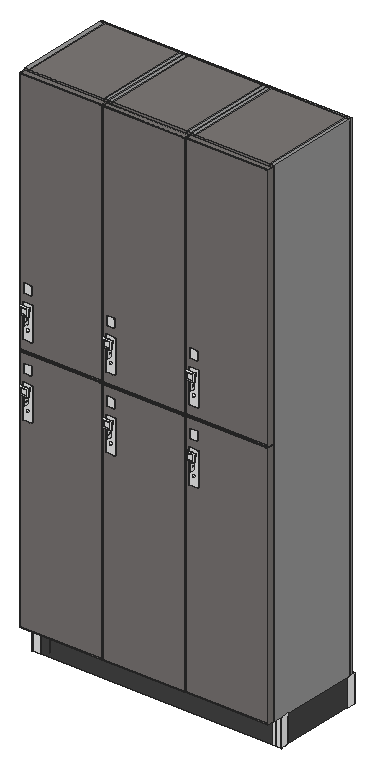
Revit family "Wood_Lockers_Hasps-Salsbury_Industries-42000_Series-3_Wide_Units.rfa", category Specialty Equipment, Revit 2016 (continued)
Definition of nested family "Wood Locker Flat Corner Fillers"
  Dimensions and locks (in)
    "Height": plane 9 "Top Side" to plane 8 "Bottom"
    locked: plane 9 "Top Side" to plane 10 "Wood - Laminate Line" at 0.031
    locked: plane 6 "Front Side" to plane 12 at 3
    locked: plane 5 "Left Side" to plane 11 at 3
    plane 12 to plane 7 "Back Side" = 13.875"
    aligned and locked: level to plane 2
  Automatic sketch dimensions
    Extrusion 2 sketch curve to plane 5 "Left Side" = 0.000"
    plane 6 "Front Side" to Extrusion 2 sketch curve = 0.000"
    Extrusion 2 sketch curve to plane 11 = 0.000"
    Extrusion 2 sketch curve to plane 4 "Right Side" = 0.000"
    Extrusion 2 sketch curve to plane 12 = 0.000"
    plane 7 "Back Side" to Extrusion 2 sketch curve = 0.000"
    Extrusion 1 sketch curve to plane 5 "Left Side" = 0.000"
    plane 7 "Back Side" to Extrusion 1 sketch curve = 0.000"
    Extrusion 1 sketch curve to plane 12 = 0.000"
    Extrusion 1 sketch curve to plane 4 "Right Side" = 0.000"
    plane 6 "Front Side" to Extrusion 1 sketch curve = 0.000"
    Extrusion 1 sketch curve to plane 11 = 0.000"
Definition of nested family "Wood Locker Side Panels-No Slope"
  Parameters (values of type "44330 - 6' H for 15"D Lockers")
    Width = 14.625"
    Visible = yes
    Version = "1.0 (12/15/23)"
    Type Comments = "Side Panel for Premier Wood Lockers without Sloping Hood"
    Model = "44330"
    Manufacturer = "Salsbury Industries"
    Laminate Surface = none
    Height = 72.000"
    Door Trim = none
    Description = "6' H for 15\" D Lockers"
    Depth = 0.750"
  Types (6): name | Width | Visible | Version | Type Comments | Model | Manufacturer | Description
    (no name) | 14.625" | yes | "1.0 (12/15/23)" | "Side Panel for Premier Wood Lockers without Sloping Hood" | "44330" | "Salsbury Industries" | "6' H for 15\" D Lockers"
    44330 - 6' H for 15"D Lockers | 14.625" | yes | "1.0 (12/15/23)" | "Side Panel for Premier Wood Lockers without Sloping Hood" | "44330" | "Salsbury Industries" | "6' H for 15\" D Lockers"
    44333 - 6' H for 18" D Lockers | 17.625" | yes | "1.0 (12/15/23)" | "Side Panel for Premier Wood Lockers withouth Sloping Hood" | "44333" | "Salsbury Industries" | "6' H for 18\" D Lockers"
    44335 - 6' H for 21" D Lockers | 20.625" | yes | "1.0 (12/15/23)" | "Side Panel for Premier Wood Lockers without Sloping Hood" | "44335" | "Salsbury Industries" | "6' H for 21\" D Lockers"
    None | 14.000" | no | "" | "" | "" | "" | ""
    44237 - 6' H for 24" D Lockers | 23.625" | yes | "1.0 (12/15/23)" | "Side Panel for Premier Wood Lockers without Sloping Hood" | "44237" | "Salsbury Industries" | "6' H for 21\" D Lockers"
  Reference planes (in)
    plane 1 "Center (Front/Back)": y = 0
    plane 2: z = 0
    plane 3 "Center (Left/Right)": x = 0
    plane 4 "Back": y = 0.375
    plane 5 "Front": y = -0.375
    plane 6 "Left Side": x = -7.3125
    plane 7 "Right Side": x = 7.3125
    plane 8 "Bottom": z = 0
    plane 9 "Top": z = 72
    plane 10 "Center Elevation": z = 36
    plane 11 "Wood - Laminate Edge": y = -0.344
    plane 12 "Right Side of Wood": x = 7.2815
    plane 13 "Left Side of Wood": x = -7.2815
    plane 14 "Top of Wood": z = 71.969
    plane 15 "Bottom of Wood": z = 0.031
  Forms (in)
    Extrusion 1, solid, visible <- "Visible"
      sketch origin (0, 0.375, 0) x (1, 0, 0) y (0, 0, 1)
        loop
          line (7.2815, 71.969) -> (-7.2815, 71.969) -> (-7.2815, 0.031) -> (7.2815, 0.031) -> (7.2815, 71.969)
      from 0 to 0.719
    Extrusion 2, solid, material <- "Laminate Surface", visible <- "Visible"
      sketch origin (0, -0.375, 0) x (1, 0, 0) y (0, 0, 1)
        loop
          line (-7.3125, 72) -> (-7.3125, 0) -> (7.3125, 0) -> (7.3125, 72) -> (-7.3125, 72)
      from -0.031 to 0
    Extrusion 3, solid, material <- "Laminate Surface", visible <- "Visible"
      sketch origin (0, 0, 0) x (1, 0, 0) y (0, 0, 1)
        loop
          line (-7.3125, 0) -> (7.3125, 0) -> (7.3125, 72) -> (-7.3125, 72) -> (-7.3125, 0)
        loop
          line (-7.2815, 0.031) -> (7.2815, 0.031) -> (7.2815, 71.969) -> (-7.2815, 71.969) -> (-7.2815, 0.031)
      from -0.375 to 0.344
  Dimensions and locks (in)
    equal spacing: plane 6 "Left Side", plane 3 "Center (Left/Right)", plane 7 "Right Side"
    plane 5 "Front" to plane 1 "Center (Front/Back)" to plane 4 "Back" = 0.375", 0.375"
    "Width": plane 6 "Left Side" to plane 7 "Right Side"
    "Depth": plane 5 "Front" to plane 4 "Back"
    equal spacing: plane 9 "Top", plane 10 "Center Elevation", plane 8 "Bottom"
    "Height": plane 9 "Top" to plane 8 "Bottom"
    locked: plane 5 "Front" to plane 11 "Wood - Laminate Edge" at 0.031
    locked: plane 15 "Bottom of Wood" to plane 8 "Bottom" at 0.031
    locked: plane 12 "Right Side of Wood" to plane 7 "Right Side" at 0.031
    locked: plane 6 "Left Side" to plane 13 "Left Side of Wood" at 0.031
    locked: plane 9 "Top" to plane 14 "Top of Wood" at 0.031
    aligned and locked: level to plane 2
    aligned and locked: Extrusion 2 sketch curve to plane 7 "Right Side"
    aligned and locked: plane 8 "Bottom" to Extrusion 2 sketch curve
    aligned and locked: plane 6 "Left Side" to Extrusion 2 sketch curve
    aligned and locked: plane 9 "Top" to Extrusion 2 sketch curve
    aligned and locked: Extrusion 3 to plane 4 "Back"
    aligned and locked: plane 11 "Wood - Laminate Edge" to Extrusion 3
  Automatic sketch dimensions
    plane 13 "Left Side of Wood" to Extrusion 1 sketch curve = 0.000"
    plane 12 "Right Side of Wood" to Extrusion 1 sketch curve = 0.000"
    Extrusion 1 sketch curve to plane 15 "Bottom of Wood" = 0.000"
    Extrusion 1 sketch curve to plane 14 "Top of Wood" = 0.000"
    plane 13 "Left Side of Wood" to Extrusion 3 sketch curve = 0.000"
    Extrusion 3 sketch curve to level = 0.000"
    plane 13 "Left Side of Wood" to Extrusion 3 sketch curve = 0.031"
    plane 12 "Right Side of Wood" to Extrusion 3 sketch curve = 0.000"
    plane 7 "Right Side" to Extrusion 3 sketch curve = 0.000"
    Extrusion 3 sketch curve to plane 15 "Bottom of Wood" = 0.000"
    Extrusion 3 sketch curve to plane 14 "Top of Wood" = 0.000"
    Extrusion 3 sketch curve to plane 9 "Top" = 0.000"
Definition of nested family "Wood Locker Side Panels-With Slope"
  Parameters (values of type "44334 - 6' H  for 18" D Lockers")
    Width = 17.625"
    Visible = yes
    Version = "1.0 (12/15/23)"
    Type Comments = "Side Panel for Premier Wood Lockers with Sloping Hood"
    Slope Height = 6.806"
    Model = "44334"
    Manufacturer = "Salsbury Industries"
    Laminate Surface = none
    Height = 72.062"
    Door Trim = none
    Description = "6' H for 18\" D Lockers"
    Depth = 0.750"
  Types (6): name | Width | Visible | Version | Type Comments | Slope Height | Model | Manufacturer | Height | Description
    (no name) | 17.625" | yes | "1.0 (12/15/23)" | "Side Panel for Premier Wood Lockers with Sloping Hood" | 6.806" | "44334" | "Salsbury Industries" | 72.062" | "6' H for 18\" D Lockers"
    44334 - 6' H  for 18" D Lockers | 17.625" | yes | "1.0 (12/15/23)" | "Side Panel for Premier Wood Lockers with Sloping Hood" | 6.806" | "44334" | "Salsbury Industries" | 72.062" | "6' H for 18\" D Lockers"
    44336 - 6' H for 21" D Lockers | 20.625" | yes | "1.0 (12/15/23)" | "Side Panel for Premier Wood Lockers with Sloping Hood" | 7.931" | "44336" | "Salsbury Industries" | 72.062" | "6' H for 21\" D Lockers"
    None | 14.625" | no | "" | "" | 5.681" | "" | "" | 72.062" | ""
    44339 - 6' H for 15" D Lockers | 14.625" | yes | "1.0 (12/15/23)" | "Side Panel for Premier Wood Lockers with Sloping Hood" | 5.681" | "44339" | "Salsbury Industries" | 72.062" | "6' H for 15\" D Lockers"
    44238- 6' H for 24" D Lockers | 23.625" | yes | "1.0 (12/15/23)" | "Side Panel for Premier Wood Lockers with Sloping Hood" | 8.608" | "44238" | "Salsbury Industries" | 72.153" | "6' H for 24\" D Lockers"
  Reference planes (in)
    plane 1 "Center (Front/Back)": y = 0
    plane 2: z = 0
    plane 3 "Center (Left/Right)": x = 0
    plane 4 "Back": y = 0.375
    plane 5 "Front": y = -0.375
    plane 6 "Left Side": x = -8.8125
    plane 7 "Right Side": x = 8.8125
    plane 8 "Bottom": z = 0
    plane 9 "Top": z = 72.062
    plane 10 "Center Elevation": z = 36.031
    plane 11 "Wood - Laminate Edge": y = -0.344
    plane 12 "Right Side of Wood": x = 8.7815
    plane 13 "Left Side of Wood": x = -8.7815
    plane 14 "Top of Wood": z = 71.937
    plane 15 "Bottom of Wood": z = 0.031
    plane 16: z = 78.868
    plane 17: z = 78.743
  Forms (in)
    Extrusion 1, solid, visible <- "Visible"
      sketch origin (0, 0.375, 0) x (1, 0, 0) y (0, 0, 1)
        loop
          line (-8.8125, 78.837) -> (-8.8125, 0) -> (8.7815, 0) -> (8.7815, 72.04287) -> (-8.8125, 78.837)
      from 0 to 0.719
    Extrusion 2, solid, material <- "Laminate Surface", visible <- "Visible"
      sketch origin (0, -0.375, 0) x (1, 0, 0) y (0, 0, 1)
        loop
          line (-8.8125, 0) -> (8.8125, 0) -> (8.8125, 72.062) -> (-8.8125, 78.868) -> (-8.8125, 0)
      from -0.031 to 0
    Extrusion 3, solid, material <- "Laminate Surface", visible <- "Visible"
      sketch origin (0, -0.375, 0) x (1, 0, 0) y (0, 0, 1)
        loop
          line (8.8125, 0) -> (8.8125, 72.062) -> (-8.8125, 78.868) -> (-8.8125, 78.837) -> (8.7815, 72.04287) -> (8.7815, 0) -> (8.8125, 0)
      from -0.031 to -0.75
  Dimensions and locks (in)
    equal spacing: plane 6 "Left Side", plane 3 "Center (Left/Right)", plane 7 "Right Side"
    plane 5 "Front" to plane 1 "Center (Front/Back)" to plane 4 "Back" = 0.375", 0.375"
    "Width": plane 6 "Left Side" to plane 7 "Right Side"
    "Depth": plane 5 "Front" to plane 4 "Back"
    equal spacing: plane 9 "Top", plane 10 "Center Elevation", plane 8 "Bottom"
    "Height": plane 9 "Top" to plane 8 "Bottom"
    locked: plane 5 "Front" to plane 11 "Wood - Laminate Edge" at 0.031
    locked: plane 15 "Bottom of Wood" to plane 8 "Bottom" at 0.031
    locked: plane 12 "Right Side of Wood" to plane 7 "Right Side" at 0.031
    locked: plane 6 "Left Side" to plane 13 "Left Side of Wood" at 0.031
    locked: plane 9 "Top" to plane 14 "Top of Wood" at 0.125
    "Slope Height": plane 16 to plane 9 "Top"
    locked: plane 16 to plane 17 at 0.125
    aligned and locked: level to plane 2
    aligned and locked: Extrusion 3 to plane 4 "Back"
    aligned and locked: plane 11 "Wood - Laminate Edge" to Extrusion 3
  Automatic sketch dimensions
    plane 6 "Left Side" to Extrusion 2 sketch curve = 0.000"
    plane 7 "Right Side" to Extrusion 2 sketch curve = 0.000"
    Extrusion 2 sketch curve to level = 0.000"
    Extrusion 2 sketch curve to plane 9 "Top" = 0.000"
    Extrusion 2 sketch curve to plane 16 = 0.000"
    Extrusion 1 sketch curve to level = 0.000"
    plane 6 "Left Side" to Extrusion 1 sketch curve = 0.000"
    plane 12 "Right Side of Wood" to Extrusion 1 sketch curve = 0.000"
    plane 9 "Top" to Extrusion 1 sketch curve = 0.01913"
    plane 6 "Left Side" to Extrusion 3 sketch curve = 0.000"
    plane 12 "Right Side of Wood" to Extrusion 3 sketch curve = 0.000"
    plane 7 "Right Side" to Extrusion 3 sketch curve = 0.000"
    Extrusion 3 sketch curve to level = 0.000"
    Extrusion 3 sketch curve to plane 9 "Top" = 0.000"
    Extrusion 3 sketch curve to plane 16 = 0.000"
    plane 9 "Top" to Extrusion 3 sketch curve = 0.01913"
    plane 16 to Extrusion 3 sketch curve = 0.031"
    plane 16 to Extrusion 1 sketch curve = 0.031"
Definition of nested family "Wood Locker Double Side Panels-No Slope"
  Parameters (values of type "44330DE - 6' H for 15"D Lockers")
    Width = 29.250"
    Visible = yes
    Version = "1.0 (12/15/23)"
    Type Comments = "Double End Panel for Premier Wood Lockers"
    Model = "44330DE"
    Manufacturer = "Salsbury Industries"
    Laminate Surface = none
    Height = 72.000"
    Door Trim = none
    Description = "For 6' H x 15\" D without Sloping Hood"
    Depth = 0.750"
  Types (6): name | Width | Visible | Version | Type Comments | Model | Manufacturer | Description
    (no name) | 29.250" | yes | "1.0 (12/15/23)" | "Double End Panel for Premier Wood Lockers" | "44330DE" | "Salsbury Industries" | "For 6' H x 15\" D without Sloping Hood"
    44330DE - 6' H for 15"D Lockers | 29.250" | yes | "1.0 (12/15/23)" | "Double End Panel for Premier Wood Lockers" | "44330DE" | "Salsbury Industries" | "For 6' H x 15\" D without Sloping Hood"
    44333DE - 6' H for 18" D Lockers | 35.250" | yes | "1.0 (12/15/23)" | "Double End Panel for Premier Wood Lockers" | "44333DE" | "Salsbury Industries" | "For 6' H x 18\" D without Sloping Hood"
    44335DE - 6' H for 21" D Lockers | 41.250" | yes | "1.0 (12/15/23)" | "Double End Panel for Premier Wood Lockers" | "44335DE" | "Salsbury Industries" | "For 6' H x 21\" D without Sloping Hood"
    None | 14.000" | no | "" | "" | "" | "" | ""
    44237DE - 6' H for 24" D Lockers | 47.250" | yes | "1.0 (12/15/23)" | "Double End Panel for Premier Wood Lockers" | "44237DE" | "Salsbury Industries" | "For 6' H x 21\" D without Sloping Hood"
  Reference planes (in)
    plane 1 "Center (Front/Back)": y = 0
    plane 2: z = 0
    plane 3 "Center (Left/Right)": x = 0
    plane 4 "Back": y = 0.375
    plane 5 "Front": y = -0.375
    plane 6 "Left Side": x = -14.625
    plane 7 "Right Side": x = 14.625
    plane 8 "Bottom": z = 0
    plane 9 "Top": z = 72
    plane 10 "Center Elevation": z = 36
    plane 11 "Wood - Laminate Edge": y = -0.344
    plane 12 "Right Side of Wood": x = 14.594
    plane 13 "Left Side of Wood": x = -14.594
    plane 14 "Top of Wood": z = 71.969
    plane 15 "Bottom of Wood": z = 0.031
  Forms (in)
    Extrusion 1, solid, visible <- "Visible"
      sketch origin (0, 0.375, 0) x (1, 0, 0) y (0, 0, 1)
        loop
          line (14.594, 71.969) -> (-14.594, 71.969) -> (-14.594, 0.031) -> (14.594, 0.031) -> (14.594, 71.969)
      from 0 to 0.719
    Extrusion 2, solid, material <- "Laminate Surface", visible <- "Visible"
      sketch origin (0, -0.375, 0) x (1, 0, 0) y (0, 0, 1)
        loop
          line (-14.625, 72) -> (-14.625, 0) -> (14.625, 0) -> (14.625, 72) -> (-14.625, 72)
      from -0.031 to 0
    Extrusion 3, solid, material <- "Laminate Surface", visible <- "Visible"
      sketch origin (0, 0, 0) x (1, 0, 0) y (0, 0, 1)
        loop
          line (-14.625, 0) -> (14.625, 0) -> (14.625, 72) -> (-14.625, 72) -> (-14.625, 0)
        loop
          line (14.594, 71.969) -> (-14.594, 71.969) -> (-14.594, 0.031) -> (14.594, 0.031) -> (14.594, 71.969)
      from -0.375 to 0.344
  Dimensions and locks (in)
    equal spacing: plane 6 "Left Side", plane 3 "Center (Left/Right)", plane 7 "Right Side"
    plane 5 "Front" to plane 1 "Center (Front/Back)" to plane 4 "Back" = 0.375", 0.375"
    "Width": plane 6 "Left Side" to plane 7 "Right Side"
    "Depth": plane 5 "Front" to plane 4 "Back"
    equal spacing: plane 9 "Top", plane 10 "Center Elevation", plane 8 "Bottom"
    "Height": plane 9 "Top" to plane 8 "Bottom"
    locked: plane 5 "Front" to plane 11 "Wood - Laminate Edge" at 0.031
    locked: plane 15 "Bottom of Wood" to plane 8 "Bottom" at 0.031
    plane 12 "Right Side of Wood" to plane 7 "Right Side" = 0.031"
    locked: plane 6 "Left Side" to plane 13 "Left Side of Wood" at 0.031
    locked: plane 9 "Top" to plane 14 "Top of Wood" at 0.031
    aligned and locked: level to plane 2
    aligned and locked: plane 8 "Bottom" to Extrusion 2 sketch curve
    aligned and locked: plane 6 "Left Side" to Extrusion 2 sketch curve
    aligned and locked: Extrusion 2 sketch curve to plane 7 "Right Side"
    aligned and locked: plane 9 "Top" to Extrusion 2 sketch curve
    aligned and locked: Extrusion 3 to plane 4 "Back"
    aligned and locked: plane 11 "Wood - Laminate Edge" to Extrusion 3
  Automatic sketch dimensions
    plane 13 "Left Side of Wood" to Extrusion 1 sketch curve = 0.000"
    plane 12 "Right Side of Wood" to Extrusion 1 sketch curve = 0.000"
    Extrusion 1 sketch curve to plane 15 "Bottom of Wood" = 0.000"
    Extrusion 1 sketch curve to plane 14 "Top of Wood" = 0.000"
    Extrusion 3 sketch curve to level = 0.000"
    plane 6 "Left Side" to Extrusion 3 sketch curve = 0.000"
    plane 7 "Right Side" to Extrusion 3 sketch curve = 0.000"
    Extrusion 3 sketch curve to plane 9 "Top" = 0.000"
    plane 13 "Left Side of Wood" to Extrusion 3 sketch curve = 0.000"
    Extrusion 3 sketch curve to plane 15 "Bottom of Wood" = 0.000"
    Extrusion 3 sketch curve to plane 14 "Top of Wood" = 0.000"
    plane 12 "Right Side of Wood" to Extrusion 3 sketch curve = 0.000"
Definition of nested family "Wood Locker Double Side Panels-With Slope"
  Parameters (values of type "44339DE - 6' H for 15"D Lockers")
    Width = 29.250"
    Visible = yes
    Version = "1.0 (12/15/23)"
    Type Comments = "Double End Panel for Premier Wood Lockers"
    Slope Height = 5.681"
    Model = "44339DE"
    Manufacturer = "Salsbury Industries"
    Laminate Surface = none
    Height = 72.062"
    Door Trim = none
    Description = "For 6' H x 15\" D Lockers with Sloping Hood"
    Depth = 0.750"
  Types (6): name | Width | Visible | Version | Type Comments | Slope Height | Model | Manufacturer | Height | Description
    (no name) | 29.250" | yes | "1.0 (12/15/23)" | "Double End Panel for Premier Wood Lockers" | 5.681" | "44339DE" | "Salsbury Industries" | 72.062" | "For 6' H x 15\" D Lockers with Sloping Hood"
    44339DE - 6' H for 15"D Lockers | 29.250" | yes | "1.0 (12/15/23)" | "Double End Panel for Premier Wood Lockers" | 5.681" | "44339DE" | "Salsbury Industries" | 72.062" | "For 6' H x 15\" D Lockers with Sloping Hood"
    44334DE - 6' H  for 18" D Lockers | 35.250" | yes | "1.0 (12/15/23)" | "Double End Panel for Premier Wood Lockers" | 6.806" | "44334DE" | "Salsbury Industries" | 72.062" | "For 6' H x 18\" D Lockers with Sloping Hood"
    44336DE - 6' H for 21" D Lockers | 41.250" | yes | "1.0 (12/15/23)" | "Double End Panel for Premier Wood Lockers" | 7.931" | "44336DE" | "Salsbury Industries" | 72.062" | "For 6' H x 21\" D Lockers with Sloping Hood"
    None | 14.000" | no | "" | "" | 5.500" | "" | "" | 72.000" | ""
    44238DE - 6' H for 24" D Lockers | 47.250" | yes | "1.0 (12/15/23)" | "Double End Panel for Premier Wood Lockers" | 8.895" | "442386DE" | "Salsbury Industries" | 72.153" | "For 6' H x 21\" D Lockers with Sloping Hood"
  Reference planes (in)
    plane 1 "Center (Front/Back)": y = 0
    plane 2: z = 0
    plane 3 "Center (Left/Right)": x = 0
    plane 4 "Back": y = 0.375
    plane 5 "Front": y = -0.375
    plane 6 "Left Side": x = -14.625
    plane 7 "Right Side": x = 14.625
    plane 8 "Bottom": z = 0
    plane 9 "Top": z = 72.062
    plane 10 "Center Elevation": z = 36.031
    plane 11 "Wood - Laminate Edge": y = -0.344
    plane 12 "Right Side of Wood": x = 14.594
    plane 13 "Left Side of Wood": x = -14.594
    plane 14 "Top of Wood": z = 71.937
    plane 15 "Bottom of Wood": z = 0.125
    plane 16: z = 77.743
    plane 17: z = 77.712
  Forms (in)
    Extrusion 1, solid, visible <- "Visible"
      sketch origin (0, 0.375, 0) x (1, 0, 0) y (0, 0, 1)
        loop
          line (14.594, 72.031) -> (0, 77.712) -> (-14.594, 72.031) -> (-14.594, 0) -> (14.594, 0) -> (14.594, 72.031)
      from 0 to 0.719
    Extrusion 2, solid, material <- "Laminate Surface", visible <- "Visible"
      sketch origin (0, -0.375, 0) x (1, 0, 0) y (0, 0, 1)
        loop
          line (14.625, 0) -> (14.625, 72.062) -> (0, 77.743) -> (-14.625, 72.062) -> (-14.625, 0) -> (14.625, 0)
      from -0.031 to 0
    Extrusion 3, solid, material <- "Laminate Surface", visible <- "Visible"
      sketch origin (0, 0.375, 0) x (1, 0, 0) y (0, 0, 1)
        loop
          line (14.625, 0) -> (14.625, 72.062) -> (0, 77.743) -> (-14.625, 72.062) -> (-14.625, 0) -> (-14.594, 0) -> (-14.594, 72.031) -> (0, 77.712) -> (14.594, 72.031) -> (14.594, 0) -> (14.625, 0)
      from 0 to 0.719
  Dimensions and locks (in)
    equal spacing: plane 6 "Left Side", plane 3 "Center (Left/Right)", plane 7 "Right Side"
    plane 5 "Front" to plane 1 "Center (Front/Back)" to plane 4 "Back" = 0.375", 0.375"
    "Width": plane 6 "Left Side" to plane 7 "Right Side"
    "Depth": plane 5 "Front" to plane 4 "Back"
    equal spacing: plane 9 "Top", plane 10 "Center Elevation", plane 8 "Bottom"
    "Height": plane 9 "Top" to plane 8 "Bottom"
    locked: plane 5 "Front" to plane 11 "Wood - Laminate Edge" at 0.031
    locked: plane 15 "Bottom of Wood" to plane 8 "Bottom" at 0.125
    locked: plane 12 "Right Side of Wood" to plane 7 "Right Side" at 0.031
    locked: plane 6 "Left Side" to plane 13 "Left Side of Wood" at 0.031
    locked: plane 9 "Top" to plane 14 "Top of Wood" at 0.125
    "Slope Height": plane 16 to plane 9 "Top"
    locked: plane 16 to plane 17 at 0.031
    aligned and locked: level to plane 2
    aligned and locked: Extrusion 3 to plane 4 "Back"
    aligned and locked: plane 11 "Wood - Laminate Edge" to Extrusion 3
  Automatic sketch dimensions
    plane 6 "Left Side" to Extrusion 2 sketch curve = 0.000"
    Extrusion 2 sketch curve to plane 3 "Center (Left/Right)" = 0.000"
    plane 7 "Right Side" to Extrusion 2 sketch curve = 0.000"
    Extrusion 2 sketch curve to level = 0.000"
    Extrusion 2 sketch curve to plane 9 "Top" = 0.000"  (x2)
    Extrusion 2 sketch curve to plane 16 = 0.000"
    Extrusion 1 sketch curve to level = 0.000"
    plane 13 "Left Side of Wood" to Extrusion 1 sketch curve = 0.000"
    Extrusion 1 sketch curve to plane 3 "Center (Left/Right)" = 0.000"
    plane 12 "Right Side of Wood" to Extrusion 1 sketch curve = 0.000"
    Extrusion 1 sketch curve to plane 17 = 0.000"
    plane 9 "Top" to Extrusion 1 sketch curve = 0.031"  (x2)
    Extrusion 3 sketch curve to level = 0.000"  (x2)
    plane 6 "Left Side" to Extrusion 3 sketch curve = 0.000"
    plane 13 "Left Side of Wood" to Extrusion 3 sketch curve = 0.000"
    Extrusion 3 sketch curve to plane 3 "Center (Left/Right)" = 0.000"  (x2)
    plane 12 "Right Side of Wood" to Extrusion 3 sketch curve = 0.000"
    plane 7 "Right Side" to Extrusion 3 sketch curve = 0.000"
    Extrusion 3 sketch curve to plane 9 "Top" = 0.000"  (x2)
    plane 9 "Top" to Extrusion 3 sketch curve = 0.031"  (x2)
    Extrusion 3 sketch curve to plane 17 = 0.000"
    Extrusion 3 sketch curve to plane 16 = 0.000"
Definition of nested family "Wood Locker Front Fillers"
  Parameters (values of type "44467 - 15" W for 6'H Lockers without Base")
    Width = 15.000"
    Visible Base = no
    Visible = yes
    Version = "1.0 (12/15/23)"
    Type Comments = "Front Vertical Filler for Premier Wood Lockers"
    Model = "44467"
    Manufacturer = "Salsbury Industries"
    Laminate Surface = none
    Height = 72.000"
    Description = "For 6' H Lockers"
    Depth = 0.750"
    Base Material = none
    Base Height = 0.000"
  Types (3): name | Width | Visible | Version | Type Comments | Model | Manufacturer | Description | Base Height
    None | 15.000" | no | "" | "" | "" | "" | "" | 4.000"
    44467 - 15" W for 6'H Lockers without Base | 15.000" | yes | "1.0 (12/15/23)" | "Front Vertical Filler for Premier Wood Lockers" | "44467" | "Salsbury Industries" | "For 6' H Lockers" | 0.000"
    44469 - 9" W for 6' H Lockers without Base | 9.000" | yes | "1.0 (12/15/23)" | "Front Vertical Filler for Premier Wood Lockers" | "44469" | "Salsbury Industries" | "For 6' H Lockers" | 0.000"
  Reference planes (in)
    plane 1 "Center (Front/Back)": y = 0
    plane 2: z = 0
    plane 3 "Center (Left/Right)": x = 0
    plane 4 "Back": y = 0.375
    plane 5 "Front": y = -0.375
    plane 6 "Left Side": x = -7.5
    plane 7 "Right Side": x = 7.5
    plane 8 "Bottom": z = 0
    plane 9 "Top": z = 72
    plane 10 "Center Elevation": z = 36
    plane 11 "Wood - Laminate Edge": y = -0.344
    plane 12 "Right Side of Wood": x = 7.375
    plane 13 "Left Side of Wood": x = -7.375
    plane 14 "Top of Wood": z = 71.875
    plane 15 "Bottom of Wood": z = 0.125
    plane 16 "Front of Base Filler": y = 1
  Forms (in)
    Extrusion 1, solid, visible <- "Visible"
      sketch origin (0, 0.375, 0) x (1, 0, 0) y (0, 0, 1)
        loop
          line (7.5, 72) -> (-7.5, 72) -> (-7.5, 0) -> (7.5, 0) -> (7.5, 72)
      from 0 to 0.719
    Extrusion 2, solid, material <- "Laminate Surface", visible <- "Visible"
      sketch origin (0, -0.375, 0) x (1, 0, 0) y (0, 0, 1)
        loop
          line (-7.5, 72) -> (-7.5, 0) -> (7.5, 0) -> (7.5, 72) -> (-7.5, 72)
      from -0.031 to 0
    Extrusion 3, solid, material <- "Base Material", visible <- "Visible Base"
      sketch origin (0, 0, 0) x (1, 0, 0) y (0, 1, 0)
        loop
          line (-7.5, 1.75) -> (-7.5, 0.375) -> (7.5, 0.375) -> (7.5, 1.75) -> (-7.5, 1.75)
      from 0 to 0.75
    Extrusion 4, solid, material <- "Base Material", visible <- "Visible Base"
      sketch origin (0, 0, 0) x (1, 0, 0) y (0, 1, 0)
        loop
          line (-7.5, 1.75) -> (-7.5, 1) -> (7.5, 1) -> (7.5, 1.75) -> (-7.5, 1.75)
      from 0 to -4
  Dimensions and locks (in)
    equal spacing: plane 6 "Left Side", plane 3 "Center (Left/Right)", plane 7 "Right Side"
    plane 5 "Front" to plane 1 "Center (Front/Back)" to plane 4 "Back" = 0.375", 0.375"
    "Width": plane 6 "Left Side" to plane 7 "Right Side"
    "Depth": plane 5 "Front" to plane 4 "Back"
    equal spacing: plane 9 "Top", plane 10 "Center Elevation", plane 8 "Bottom"
    locked: plane 5 "Front" to plane 11 "Wood - Laminate Edge" at 0.031
    locked: plane 15 "Bottom of Wood" to plane 8 "Bottom" at 0.125
    locked: plane 12 "Right Side of Wood" to plane 7 "Right Side" at 0.125
    locked: plane 6 "Left Side" to plane 13 "Left Side of Wood" at 0.125
    locked: plane 9 "Top" to plane 14 "Top of Wood" at 0.125
    locked: plane 5 "Front" to plane 16 "Front of Base Filler" at 1.375
    "Base Height": plane 8 "Bottom" to plane 2
    "Height": plane 9 "Top" to plane 8 "Bottom"
    aligned and locked: level to plane 2
    aligned and locked: plane 8 "Bottom" to Extrusion 1
  Automatic sketch dimensions
    plane 6 "Left Side" to Extrusion 1 sketch curve = 0.000"
    plane 7 "Right Side" to Extrusion 1 sketch curve = 0.000"
    level to Extrusion 1 sketch curve = 0.000"
    Extrusion 1 sketch curve to plane 9 "Top" = 0.000"
    plane 6 "Left Side" to Extrusion 2 sketch curve = 0.000"
    plane 7 "Right Side" to Extrusion 2 sketch curve = 0.000"
    plane 15 "Bottom of Wood" to Extrusion 2 sketch curve = 0.125"
    Extrusion 2 sketch curve to plane 9 "Top" = 0.000"
    plane 4 "Back" to Extrusion 3 sketch curve = 0.000"
    Extrusion 3 sketch curve to plane 6 "Left Side" = 0.000"
    Extrusion 3 sketch curve to plane 7 "Right Side" = 0.000"
    Extrusion 3 sketch curve to plane 16 "Front of Base Filler" = 0.750"
    Extrusion 4 sketch curve to plane 6 "Left Side" = 0.000"
    Extrusion 4 sketch curve to plane 7 "Right Side" = 0.000"
    plane 16 "Front of Base Filler" to Extrusion 4 sketch curve = 0.000"
    Extrusion 4 sketch curve to plane 16 "Front of Base Filler" = 0.750"
Definition of nested family "Wood Locker Front Corner Filler"
  Parameters (values of type "44464 - for 6' H Lockers with Base")
    Width = 2.250"
    Visible Base = yes
    Visible = yes
    Version = "1.0 (12/15/23)"
    Type Comments = "Front Vertical Corner Filler for Designer Wood Lockers"
    Primary Structure Materials = none
    Model = "44464"
    Manufacturer = "Salsbury Industries"
    Laminate Surface = none
    Height = 72.000"
    Description = "For 6' H Lockers"
    Depth = 0.750"
    Base Primary Materials = none
    Base Height = 4.000"
  Types (3): name | Visible Base | Visible | Version | Type Comments | Model | Manufacturer | Description | Base Height
    None | no | no | "" | "" | "" | "" | "" | 4.000"
    44464 - for 6'H Lockers without Base | no | yes | "1.0 (12/15/23)" | "Front Vertical Corner Filler for Designer Wood Lockers" | "44464" | "Salsbury Industries" | "For 6' H Lockers" | 0.000"
    44464 - for 6' H Lockers with Base | yes | yes | "1.0 (12/15/23)" | "Front Vertical Corner Filler for Designer Wood Lockers" | "44464" | "Salsbury Industries" | "For 6' H Lockers" | 4.000"
  Reference planes (in)
    plane 1 "Center (Front/Back)": y = 0
    plane 2 "Bottom of Base": z = 0
    plane 3 "Center (Left/Right)": x = 0
    plane 4 "Back": y = 0.375
    plane 5 "Front": y = -0.375
    plane 6 "Left Side": x = -1.125
    plane 7 "Right Side": x = 1.125
    plane 8 "Bottom": z = 4
    plane 9 "Top": z = 76
    plane 10 "Center Elevation": z = 40
    plane 11 "Wood - Laminate Edge": y = -0.344
    plane 12 "Right Side of Wood": x = 1
    plane 13 "Left Side of Wood": x = -1
    plane 14 "Top of Wood": z = 75.875
    plane 15 "Bottom of Wood": z = 4.125
    plane 16 "Front of Base Filler": y = 1
  Forms (in)
    Extrusion 1, solid, material <- "Primary Structure Materials", visible <- "Visible"
      sketch origin (0, 0.375, 0) x (1, 0, 0) y (0, 0, 1)
        loop
          line (1.125, 76) -> (-1.156, 76) -> (-1.156, 4) -> (1.125, 4) -> (1.125, 76)
      from 0 to 0.719
    Extrusion 2, solid, material <- "Laminate Surface", visible <- "Visible"
      sketch origin (0, -0.375, 0) x (1, 0, 0) y (0, 0, 1)
        loop
          line (-1.125, 76) -> (-1.125, 4) -> (1.125, 4) -> (1.125, 76) -> (-1.125, 76)
      from -0.031 to 0
    Extrusion 3, solid, material <- "Primary Structure Materials", visible <- "Visible"
      sketch origin (-1.875, -1.5, 0) x (0, 1, 0) y (0, 0, 1)
        loop
          line (1.875, 76) -> (-1.125, 76) -> (-1.125, 4) -> (1.875, 4) -> (1.875, 76)
      from 0 to 0.719
    Extrusion 4, solid, material <- "Laminate Surface", visible <- "Visible"
      sketch origin (-1.125, -1.5, 0) x (0, 1, 0) y (0, 0, 1)
        loop
          line (-1.125, 76) -> (-1.125, 4) -> (1.156, 4) -> (1.156, 76) -> (-1.125, 76)
      from -0.031 to 0
    Extrusion 5, solid, material <- "Base Primary Materials", visible <- "Visible Base"
      sketch origin (0, 0, 0) x (1, 0, 0) y (0, 1, 0)
        loop
          line (-3.25, 1.75) -> (-3.25, -2.625) -> (-1.875, -2.625) -> (-1.875, 1.75) -> (-3.25, 1.75)
      from 4 to 4.75
    Extrusion 6, solid, material <- "Base Primary Materials", visible <- "Visible Base"
      sketch origin (0, 0, 0) x (1, 0, 0) y (0, 1, 0)
        loop
          line (-1.875, 1.75) -> (-1.875, 0.375) -> (1.125, 0.375) -> (1.125, 1.75) -> (-1.875, 1.75)
      from 4 to 4.75
    Extrusion 7, solid, material <- "Base Primary Materials", visible <- "Visible Base"
      sketch origin (0, 0, 0) x (1, 0, 0) y (0, 1, 0)
        loop
          line (1.125, 1.75) -> (-2.43407, 1.75) -> (-2.43407, 1) -> (1.125, 1) -> (1.125, 1.75)
      from 0 to 4
    Extrusion 8, solid, material <- "Base Primary Materials", visible <- "Visible Base"
      sketch origin (0, 0, 0) x (1, 0, 0) y (0, 1, 0)
        loop
          line (-3.25, 1.75) -> (-3.25, -2.625) -> (-2.43407, -2.625) -> (-2.43407, 1.75) -> (-3.25, 1.75)
      from 0 to 4
  Dimensions and locks (in)
    equal spacing: plane 6 "Left Side", plane 3 "Center (Left/Right)", plane 7 "Right Side"
    plane 5 "Front" to plane 1 "Center (Front/Back)" to plane 4 "Back" = 0.375", 0.375"
    "Width": plane 6 "Left Side" to plane 7 "Right Side"
    "Depth": plane 5 "Front" to plane 4 "Back"
    equal spacing: plane 9 "Top", plane 10 "Center Elevation", plane 8 "Bottom"
    "Height": plane 9 "Top" to plane 8 "Bottom"
    locked: plane 5 "Front" to plane 11 "Wood - Laminate Edge" at 0.031
    locked: plane 15 "Bottom of Wood" to plane 8 "Bottom" at 0.125
    locked: plane 12 "Right Side of Wood" to plane 7 "Right Side" at 0.125
    locked: plane 6 "Left Side" to plane 13 "Left Side of Wood" at 0.125
    locked: plane 9 "Top" to plane 14 "Top of Wood" at 0.125
    locked: plane 5 "Front" to plane 16 "Front of Base Filler" at 1.375
    "Base Height": plane 8 "Bottom" to plane 2 "Bottom of Base"
    aligned and locked: level to plane 2 "Bottom of Base"
    aligned and locked: plane 8 "Bottom" to Extrusion 1
    aligned and locked: Extrusion 7 to Extrusion 5
    aligned and locked: Extrusion 8 to Extrusion 5
    aligned and locked: Extrusion 7 to Extrusion 8
  Automatic sketch dimensions
    Extrusion 1 sketch curve to plane 9 "Top" = 0.000"
    Extrusion 1 sketch curve to plane 8 "Bottom" = 0.000"
    plane 7 "Right Side" to Extrusion 1 sketch curve = 0.000"
    plane 6 "Left Side" to Extrusion 1 sketch curve = 0.031"
    plane 6 "Left Side" to Extrusion 2 sketch curve = 0.000"
    plane 7 "Right Side" to Extrusion 2 sketch curve = 0.000"
    Extrusion 2 sketch curve to plane 8 "Bottom" = 0.000"
    Extrusion 2 sketch curve to plane 9 "Top" = 0.000"
    plane 9 "Top" to Extrusion 3 sketch curve = 0.000"
    plane 8 "Bottom" to Extrusion 3 sketch curve = 0.000"
    Extrusion 3 sketch curve to plane 4 "Back" = 0.000"
    plane 5 "Front" to Extrusion 3 sketch curve = 2.250"
    plane 8 "Bottom" to Extrusion 4 sketch curve = 0.000"
    plane 9 "Top" to Extrusion 4 sketch curve = 0.000"
    Extrusion 4 sketch curve to plane 11 "Wood - Laminate Edge" = 0.000"
    plane 5 "Front" to Extrusion 4 sketch curve = 2.250"
    plane 6 "Left Side" to Extrusion 5 sketch curve = 2.125"
    plane 6 "Left Side" to Extrusion 5 sketch curve = 0.750"
    plane 5 "Front" to Extrusion 5 sketch curve = 2.250"
    Extrusion 5 sketch curve to plane 16 "Front of Base Filler" = 0.750"
    plane 16 "Front of Base Filler" to Extrusion 7 sketch curve = 0.000"
    Extrusion 7 sketch curve to plane 7 "Right Side" = 0.000"
    plane 6 "Left Side" to Extrusion 7 sketch curve = 1.30907"
    Extrusion 7 sketch curve to plane 16 "Front of Base Filler" = 0.750"
    plane 6 "Left Side" to Extrusion 8 sketch curve = 2.125"
    Extrusion 8 sketch curve to Extrusion 8 sketch curve = 0.81593"
    plane 5 "Front" to Extrusion 8 sketch curve = 2.250"
    Extrusion 8 sketch curve to plane 16 "Front of Base Filler" = 0.750"
    plane 4 "Back" to Extrusion 6 sketch curve = 0.000"
    Extrusion 6 sketch curve to plane 7 "Right Side" = 0.000"
    plane 6 "Left Side" to Extrusion 6 sketch curve = 0.750"
    Extrusion 6 sketch curve to plane 16 "Front of Base Filler" = 0.750"
Definition of nested family "Wood Locker Sloping In-Line Fillers"
  Parameters (values of type "44481 - 15" W for 21" D Lockers")
    Width = 15.000"
    Visible = yes
    Version = "1.0 (12/15/23)"
    Type Comments = "Sloping Hood In-Line Filler for Premier Wood Lockers"
    Model = "44481"
    Manufacturer = "Salsbury Industries"
    Laminate Surface = none
    Height = 7.993"
    Description = "For 21\" D Lockers"
    Depth = 20.625"
  Types (10): name | Width | Visible | Version | Type Comments | Model | Manufacturer | Height | Description | Depth
    (no name) | 15.000" | yes | "1.0 (12/15/23)" | "Sloping Hood In-Line Filler for Premier Wood Lockers" | "44481" | "Salsbury Industries" | 7.993" | "For 21\" D Lockers" | 20.625"
    44487 - 15" W for 15" D Lockers | 15.000" | yes | "1.0 (12/15/23)" | "Sloping Hood In-Line Filler for Premier Wood Lockers" | "44487" | "Salsbury Industries" | 5.743" | "For 15\" D Lockers" | 14.625"
    44488 - 15" W for 18" D Lockers | 15.000" | yes | "1.0 (12/15/23)" | "Sloping Hood In-Line Filler for Premier Wood Lockers" | "44488" | "Salsbury Industries" | 6.868" | "For 18\" D Lockers" | 17.625"
    44481 - 15" W for 21" D Lockers | 15.000" | yes | "1.0 (12/15/23)" | "Sloping Hood In-Line Filler for Premier Wood Lockers" | "44481" | "Salsbury Industries" | 7.993" | "For 21\" D Lockers" | 20.625"
    None | 12.000" | no | "" | "" | "" | "" | 5.500" | "" | 14.000"
    44489 - 15" W for 24" D Lockers | 15.000" | yes | "1.0 (12/15/23)" | "Sloping Hood In-Line Filler for Premier Wood Lockers" | "44489" | "Salsbury Industries" | 8.875" | "For 24\" D Lockers" | 23.000"
    44488 - 9" W for 18" D Lockers | 9.000" | yes | "1.0 (12/15/23)" | "Sloping Hood In-Line Filler for Premier Wood Lockers" | "44488" | "Salsbury Industries" | 6.868" | "For 18\" D Lockers" | 17.625"
    44487 - 9" W for 15" D Lockers | 9.000" | yes | "1.0 (12/15/23)" | "Sloping Hood In-Line Filler for Premier Wood Lockers" | "44487" | "Salsbury Industries" | 5.743" | "For 15\" D Lockers" | 14.625"
    44481 - 9" W for 21" D Lockers | 9.000" | yes | "1.0 (12/15/23)" | "Sloping Hood In-Line Filler for Premier Wood Lockers" | "44481" | "Salsbury Industries" | 7.750" | "For 21\" D Lockers" | 20.000"
    44489 - 9" W for 24" D Lockers | 9.000" | yes | "1.0 (12/15/23)" | "Sloping Hood In-Line Filler for Premier Wood Lockers" | "44489" | "Salsbury Industries" | 8.875" | "For 24\" D Lockers" | 23.000"
  Reference planes (in)
    plane 1 "Center (Front/Back)": y = 0
    plane 2: z = 0
    plane 3 "Center (Left/Right)": x = 0
    plane 4 "Front of Hood": y = -10.3125
    plane 5 "Back of Hood": y = 10.3125
    plane 6 "Right Side of Hood": x = 7.5
    plane 7 "Left Side of Hood": x = -7.5
    plane 8 "Bottom of Hood": z = 0
    plane 9 "Top of Hood": z = 7.993
    plane 10: x = 6.75
    plane 11: x = -6.75
    plane 12: y = -10.2815
    plane 13: y = -9.5625
    plane 14: z = 7.962
    plane 15: z = 7.243
    plane 16: z = 0.062
    plane 17: z = 0.75
  Forms (in)
    Extrusion 1, solid, visible <- "Visible"
      sketch origin (0, 0, 0) x (0, 1, 0) y (0, 0, 1)
        loop
          line (-8.47273, 0) -> (10.3125, 7.243) -> (10.3125, 7.962) -> (-10.23269, 0.062) -> (-10.2815, 0.062) -> (-10.2815, 0) -> (-8.47273, 0)
      from -7.5 to 7.5
    Extrusion 2, solid, material <- "Laminate Surface", visible <- "Visible"
      sketch origin (0, 0, 0) x (0, 1, 0) y (0, 0, 1)
        loop
          line (-10.3125, 0.062) -> (-10.3125, 0) -> (-10.2815, 0) -> (-10.2815, 0.062) -> (-10.3125, 0.062)
      from -7.5 to 7.5
    Extrusion 3, solid, material <- "Laminate Surface", visible <- "Visible"
      sketch origin (0, 0, 0) x (0, 1, 0) y (0, 0, 1)
        loop
          line (10.3125, 7.993) -> (-10.3125, 0.062) -> (-10.23269, 0.062) -> (10.3125, 7.962) -> (10.3125, 7.993)
      from -7.5 to 7.5
  Dimensions and locks (in)
    equal spacing: plane 7 "Left Side of Hood", plane 3 "Center (Left/Right)", plane 6 "Right Side of Hood"
    "Width": plane 7 "Left Side of Hood" to plane 6 "Right Side of Hood"
    equal spacing: plane 4 "Front of Hood", plane 1 "Center (Front/Back)", plane 5 "Back of Hood"
    "Depth": plane 4 "Front of Hood" to plane 5 "Back of Hood"
    "Height": plane 9 "Top of Hood" to plane 8 "Bottom of Hood"
    plane 7 "Left Side of Hood" to plane 11 = 0.750"
    plane 10 to plane 6 "Right Side of Hood" = 0.750"
    plane 4 "Front of Hood" to plane 12 to plane 13 = 0.031" locked, 0.719" locked
    plane 15 to plane 14 to plane 9 "Top of Hood" = 0.719" locked, 0.031" locked
    locked: plane 16 to plane 8 "Bottom of Hood" at 0.062
    locked: plane 17 to plane 8 "Bottom of Hood" at 0.75
    aligned and locked: level to plane 2
    aligned and locked: Extrusion 1 to plane 6 "Right Side of Hood"
    aligned and locked: plane 7 "Left Side of Hood" to Extrusion 1
    aligned and locked: plane 7 "Left Side of Hood" to Extrusion 3
    aligned and locked: Extrusion 3 to plane 6 "Right Side of Hood"
    aligned and locked: Extrusion 2 to plane 6 "Right Side of Hood"
    aligned and locked: plane 7 "Left Side of Hood" to Extrusion 2
  Automatic sketch dimensions
    Extrusion 2 sketch curve to level = 0.000"
    Extrusion 2 sketch curve to plane 4 "Front of Hood" = 0.000"
    Extrusion 2 sketch curve to plane 12 = 0.000"
    plane 16 to Extrusion 2 sketch curve = 0.000"
    Extrusion 3 sketch curve to plane 4 "Front of Hood" = 0.000"
    plane 16 to Extrusion 3 sketch curve = 0.000"
    Extrusion 3 sketch curve to plane 5 "Back of Hood" = 0.000"
    plane 14 to Extrusion 3 sketch curve = 0.000"
    plane 9 "Top of Hood" to Extrusion 3 sketch curve = 0.000"
    Extrusion 3 sketch curve to plane 12 = 0.04881"
    Extrusion 1 sketch curve to level = 0.000"
    Extrusion 1 sketch curve to plane 12 = 0.000"
    plane 16 to Extrusion 1 sketch curve = 0.000"
    Extrusion 1 sketch curve to plane 5 "Back of Hood" = 0.000"
    plane 15 to Extrusion 1 sketch curve = 0.000"
    plane 14 to Extrusion 1 sketch curve = 0.000"
    Extrusion 1 sketch curve to plane 13 = 1.08977"
    Extrusion 1 sketch curve to plane 12 = 0.04881"
Definition of nested family "Wood Locker Flat In-Line Fillers"
  Parameters (values of type "44447 - 15" W for 15" D Lockers")
    Width = 15.000"
    Visible = yes
    Version = "1.0 (12/15/23)"
    Type Comments = "Flat Top In-Line Filler for Premier Wood Lockers"
    Model = "44447"
    Manufacturer = "Salsbury Industries"
    Laminate Surface = none
    Height = 0.750"
    Description = "For 15\" D Lockers"
    Depth = 13.250"
  Types (10): name | Width | Visible | Version | Type Comments | Model | Manufacturer | Description | Depth
    (no name) | 15.000" | yes | "1.0 (12/15/23)" | "Flat Top In-Line Filler for Premier Wood Lockers" | "44447" | "Salsbury Industries" | "For 15\" D Lockers" | 13.250"
    44447 - 15" W for 15" D Lockers | 15.000" | yes | "1.0 (12/15/23)" | "Flat Top In-Line Filler for Premier Wood Lockers" | "44447" | "Salsbury Industries" | "For 15\" D Lockers" | 13.250"
    44448 - 15" W for 18" D Lockers | 15.000" | yes | "1.0 (12/15/23)" | "Flat Top In-Line Filler for Premier Wood Lockers" | "44448" | "Salsbury Industries" | "For 18\" D Lockers" | 16.250"
    44441 - 15" W for 21" D Lockers | 15.000" | yes | "1.0 (12/15/23)" | "Flat Top In-Line Filler for Premier Wood Lockers" | "44441" | "Salsbury Industries" | "For 21\" D Lockers" | 19.250"
    None | 15.000" | no | "" | "" | "" | "" | "" | 13.250"
    44448 - 9" W for 18" D Lockers | 9.000" | yes | "1.0 (12/15/23)" | "Flat Top In-Line Filler for Premier Wood Lockers" | "44448" | "Salsbury Industries" | "For 18\" D Lockers" | 16.250"
    44447 - 9" W for 15" D Lockers | 9.000" | yes | "1.0 (12/15/23)" | "Flat Top In-Line Filler for Premier Wood Lockers" | "44447" | "Salsbury Industries" | "For 15\" D Lockers" | 13.250"
    44441 - 9" W for 21" D Lockers | 9.000" | yes | "1.0 (12/15/23)" | "Flat Top In-Line Filler for Premier Wood Lockers" | "44441" | "Salsbury Industries" | "For 21\" D Lockers" | 19.250"
    44449 - 15" W for 24" D Lockers | 15.000" | yes | "1.0 (12/15/23)" | "Flat Top In-Line Filler for Premier Wood Lockers" | "44449" | "Salsbury Industries" | "For 24\" D Lockers" | 22.250"
    44449 - 9" W for 24" D Lockers | 9.000" | yes | "1.0 (12/15/23)" | "Flat Top In-Line Filler for Premier Wood Lockers" | "44449" | "Salsbury Industries" | "For 24\" D Lockers" | 22.250"
  Reference planes (in)
    plane 1 "Center (Front/Back)": y = 0
    plane 2: z = 0
    plane 3 "Center (Left/Right)": x = 0
    plane 4 "Right Side": x = 7.5
    plane 5 "Left Side": x = -7.5
    plane 6 "Front Side": y = -6.625
    plane 7 "Back Side": y = 6.625
    plane 8 "Bottom": z = 0
    plane 9 "Top Side": z = 0.75
    plane 10 "Wood - Laminate Line": z = 0.719
  Forms (in)
    Extrusion 1, solid, visible <- "Visible"
      sketch origin (0, 0, 0) x (0, -1, 0) y (1, 0, 0)
        loop
          line (-6.625, -7.5) -> (6.625, -7.5) -> (6.625, 7.5) -> (-6.625, 7.5) -> (-6.625, -7.5)
      from 0 to 0.719
    Extrusion 2, solid, material <- "Laminate Surface", visible <- "Visible"
      sketch origin (0, 0, 0.75) x (1, 0, 0) y (0, 1, 0)
        loop
          line (-7.5, -6.625) -> (7.5, -6.625) -> (7.5, 6.625) -> (-7.5, 6.625) -> (-7.5, -6.625)
      from -0.031 to 0
  Dimensions and locks (in)
    equal spacing: plane 6 "Front Side", plane 1 "Center (Front/Back)", plane 7 "Back Side"
    equal spacing: plane 5 "Left Side", plane 3 "Center (Left/Right)", plane 4 "Right Side"
    "Width": plane 5 "Left Side" to plane 4 "Right Side"
    "Depth": plane 6 "Front Side" to plane 7 "Back Side"
    "Height": plane 9 "Top Side" to plane 8 "Bottom"
    locked: plane 9 "Top Side" to plane 10 "Wood - Laminate Line" at 0.031
    aligned and locked: level to plane 2
  Automatic sketch dimensions
    Extrusion 1 sketch curve to plane 4 "Right Side" = 0.000"
    plane 7 "Back Side" to Extrusion 1 sketch curve = 0.000"
    Extrusion 1 sketch curve to plane 5 "Left Side" = 0.000"
    plane 6 "Front Side" to Extrusion 1 sketch curve = 0.000"
    Extrusion 2 sketch curve to plane 5 "Left Side" = 0.000"
    plane 4 "Right Side" to Extrusion 2 sketch curve = 0.000"
    plane 6 "Front Side" to Extrusion 2 sketch curve = 0.000"
    Extrusion 2 sketch curve to plane 7 "Back Side" = 0.000"
Definition of nested family "Wood Locker Fascia Fillers"
  Parameters (values of type "44462 - for 3-Wide Units")
    Width = 36.000"
    Visible = yes
    Type Comments = "Front Fascia Filler for Premier Wood Lockers"
    Model = "44462"
    Manufacturer = "Salsbury Industries"
    Laminate Surface = none
    Height = 4.000"
    Description = "4' W for Standard Designer Lockers"
    Depth = 0.750"
  Types (4): name | Width | Visible | Type Comments | Model | Manufacturer | Description
    (no name) | 36.000" | yes | "Front Fascia Filler for Premier Wood Lockers" | "44462" | "Salsbury Industries" | "4' W for Standard Designer Lockers"
    44462 - for 1-Wide Units | 12.000" | yes | "Front Fascia Filler for Premier Wood Lockers" | "44462" | "Salsbury Industries" | "4' W for Standard Designer Lockers"
    None | 12.000" | no | "" | "" | "" | ""
    44462 - for 3-Wide Units | 36.000" | yes | "Front Fascia Filler for Premier Wood Lockers" | "44462" | "Salsbury Industries" | "4' W for Standard Designer Lockers"
  Reference planes (in)
    plane 1 "Center (Front/Back)": y = 0
    plane 2: z = 0
    plane 3 "Center (Left/Right)": x = 0
    plane 4 "Back": y = 0.375
    plane 5 "Front": y = -0.375
    plane 6 "Left Side": x = -18
    plane 7 "Right Side": x = 18
    plane 8 "Bottom": z = 0
    plane 9 "Top": z = 4
    plane 10 "Center Elevation": z = 2
    plane 11 "Wood - Laminate Edge": y = -0.344
    plane 12 "Right Side of Wood": x = 17.875
    plane 13 "Left Side of Wood": x = -17.875
    plane 14 "Top of Wood": z = 3.875
    plane 15 "Bottom of Wood": z = 0.125
    plane 16 "Base Bottom": z = 0
    plane 17 "Front of Base Filler": y = 1
  Forms (in)
    Extrusion 1, solid, visible <- "Visible"
      sketch origin (0, 0.375, 0) x (1, 0, 0) y (0, 0, 1)
        loop
          line (18, 4) -> (-18, 4) -> (-18, 0) -> (18, 0) -> (18, 4)
      from 0 to 0.719
    Extrusion 2, solid, material <- "Laminate Surface", visible <- "Visible"
      sketch origin (0, -0.375, 0) x (1, 0, 0) y (0, 0, 1)
        loop
          line (-18, 4) -> (-18, 0) -> (18, 0) -> (18, 4) -> (-18, 4)
      from -0.031 to 0
  Dimensions and locks (in)
    equal spacing: plane 6 "Left Side", plane 3 "Center (Left/Right)", plane 7 "Right Side"
    plane 5 "Front" to plane 1 "Center (Front/Back)" to plane 4 "Back" = 0.375", 0.375"
    "Width": plane 6 "Left Side" to plane 7 "Right Side"
    "Depth": plane 5 "Front" to plane 4 "Back"
    equal spacing: plane 9 "Top", plane 10 "Center Elevation", plane 8 "Bottom"
    "Height": plane 9 "Top" to plane 8 "Bottom"
    locked: plane 5 "Front" to plane 11 "Wood - Laminate Edge" at 0.031
    locked: plane 15 "Bottom of Wood" to plane 8 "Bottom" at 0.125
    locked: plane 12 "Right Side of Wood" to plane 7 "Right Side" at 0.125
    locked: plane 6 "Left Side" to plane 13 "Left Side of Wood" at 0.125
    locked: plane 9 "Top" to plane 14 "Top of Wood" at 0.125
    locked: plane 5 "Front" to plane 17 "Front of Base Filler" at 1.375
    aligned and locked: level to plane 2
    aligned and locked: Extrusion 1 to plane 8 "Bottom"
  Automatic sketch dimensions
    plane 6 "Left Side" to Extrusion 1 sketch curve = 0.000"
    plane 7 "Right Side" to Extrusion 1 sketch curve = 0.000"
    level to Extrusion 1 sketch curve = 0.000"
    Extrusion 1 sketch curve to plane 9 "Top" = 0.000"
    plane 6 "Left Side" to Extrusion 2 sketch curve = 0.000"
    plane 7 "Right Side" to Extrusion 2 sketch curve = 0.000"
    plane 15 "Bottom of Wood" to Extrusion 2 sketch curve = 0.125"
    Extrusion 2 sketch curve to plane 9 "Top" = 0.000"
Definition of nested family "Wood Locker Sloping Hoods"
  Parameters (values of type "44834- for 24" Deep Lockers (3 Wide)")
    Width = 54.000"
    Visible = yes
    Version = "1.0 (12/15/23)"
    Type Comments = "Sloping Hood for Premier Wood Lockers"
    Model = "834"
    Manufacturer = "Salsbury Industries"
    Laminate Surface = none
    Height = 9.118"
    Description = "For 24\" D - 3 Wide Lockers"
    Depth = 23.625"
  Types (20): name | Width | Visible | Version | Type Comments | Model | Manufacturer | Height | Description | Depth
    (no name) | 54.000" | yes | "1.0 (12/15/23)" | "Sloping Hood for Premier Wood Lockers" | "834" | "Salsbury Industries" | 9.118" | "For 24\" D - 3 Wide Lockers" | 23.625"
    44357 - for 15" Deep Lockers (1 Wide) | 12.000" | yes | "1.0 (12/15/23)" | "Sloping Hood for Premier Wood Lockers" | "44357" | "Salsbury Industries" | 5.743" | "For 15\" D - 1 Wide Lockers" | 14.625"
    44353 - for 18" Deep Lockers (1 Wide) | 12.000" | yes | "1.0 (12/15/23)" | "Sloping Hood for Premier Wood Lockers" | "44353" | "Salsbury Industries" | 6.868" | "For 18\" D - 1 Wide Lockers" | 17.625"
    44352 - for 21" Deep Lockers (1 Wide) | 12.000" | yes | "1.0 (12/15/23)" | "Sloping Hood for Premier Wood Lockers" | "44352" | "Salsbury Industries" | 7.993" | "For 21\" D - 1 Wide Lockers" | 20.625"
    44359 - for 15" Deep Lockers (3 Wide) | 36.000" | yes | "1.0 (12/15/23)" | "Sloping Hood for Premier Wood Lockers" | "44359" | "Salsbury Industries" | 5.743" | "For 15\" D - 3 Wide Lockers" | 14.625"
    44356 - for 18" Deep Lockers (3 Wide) | 36.000" | yes | "1.0 (12/15/23)" | "Sloping Hood for Premier Wood Lockers" | "44356" | "Salsbury Industries" | 6.868" | "For 18\" D - 3 Wide Lockers" | 17.625"
    44354 - for 21" Deep Lockers (3 Wide) | 36.000" | yes | "1.0 (12/15/23)" | "Sloping Hood for Premier Wood Lockers" | "44354" | "Salsbury Industries" | 7.993" | "For 21\" D - 3 Wide Lockers" | 20.625"
    44255 - for 24" Deep Lockers (1 Wide) | 15.000" | yes | "1.0 (12/15/23)" | "Sloping Hood for Premier Wood Lockers" | "44255" | "Salsbury Industries" | 9.118" | "For 24\" D - 1 Wood Lockers" | 23.625"
    442257 - for 24" Deep Lockers (3 Wide) | 45.000" | yes | "1.0 (12/15/23)" | "Sloping Hood for Premier Wod Lockers" | "44257" | "Salsbury Industries" | 9.118" | "For 24\" D - 3 Wide Lockers" | 23.625"
    44252 - for 21" Deep Lockers (1 Wide) | 15.000" | yes | "1.0 (12/15/23)" | "Sloping Hood for 15\" Wide Premier Wood Lockers" | "44252" | "Salsbury Industries" | 7.993" | "For 21\" D - 1 Wide Lockers" | 20.625"
    44254 - for 21" Deep Lockers (3 Wide) | 45.000" | yes | "1.0 (12/15/23)" | "Sloping Hood for 15\" Wide Premier Wood Lockers" | "44254" | "Salsbury Industries" | 7.993" | "For 21\" D - 3 Wide Lockers" | 20.625"
    44251 - for 18" Deep Lockers (1 Wide) | 15.000" | yes | "1.0 (12/15/23)" | "Sloping Hood for 15\"Wide Premier Wood Lockers" | "44251" | "Salsbury Industries" | 6.868" | "For 18\" D - 1 Wide Lockers" | 17.625"
    44253 - for 18" Deep Lockers (3 Wide) | 45.000" | yes | "1.0 (12/15/23)" | "Sloping Hood for 15\" Wide Premier Wood Lockers" | "44253" | "Salsbury Industries" | 6.868" | "For 18\" D - 3 Wide Lockers" | 17.625"
    None | 12.000" | no | "" | "" | "" | "" | 5.743" | "" | 14.625"
    44818 - for 18" Deep Lockers (1 Wide) | 18.000" | yes | "1.0 (12/15/23)" | "Sloping Hood for Premier Wood Lockers" | "44818" | "Salsbury Industries" | 6.868" | "For 18\" D - 1 Wide Lockers" | 17.625"
    44811- for 21" Deep Lockers (1 Wide) | 18.000" | yes | "1.0 (12/15/23)" | "Sloping Hood for Premier Wood Lockers" | "44811" | "Salsbury Industries" | 7.993" | "For 21\" D - 1 Wide Lockers" | 20.625"
    44814- for 24" Deep Lockers (1 Wide) | 18.000" | yes | "1.0 (12/15/23)" | "Sloping Hood for Premier Wood Lockers" | "44814" | "Salsbury Industries" | 9.118" | "For 24\" D - 1 Wide Lockers" | 23.625"
    44838- for 18" Deep Lockers (3 Wide) | 54.000" | yes | "1.0 (12/15/23)" | "Sloping Hood for Premier Wood Lockers" | "44838" | "Salsbury Industries" | 6.868" | "For 18\" D - 3 Wide Lockers" | 17.625"
    44831- for 21" Deep Lockers (3 Wide) | 54.000" | yes | "1.0 (12/15/23)" | "Sloping Hood for Premier Wood Lockers" | "44831" | "Salsbury Industries" | 7.993" | "For 21\" D - 3 Wide Lockers" | 20.625"
    44834- for 24" Deep Lockers (3 Wide) | 54.000" | yes | "1.0 (12/15/23)" | "Sloping Hood for Premier Wood Lockers" | "834" | "Salsbury Industries" | 9.118" | "For 24\" D - 3 Wide Lockers" | 23.625"
  Reference planes (in)
    plane 1 "Center (Front/Back)": y = 0
    plane 2: z = 0
    plane 3 "Center (Left/Right)": x = 0
    plane 4 "Front of Hood": y = -11.8125
    plane 5 "Back of Hood": y = 11.8125
    plane 6 "Right Side of Hood": x = 27
    plane 7 "Left Side of Hood": x = -27
    plane 8 "Bottom of Hood": z = 0
    plane 9 "Top of Hood": z = 9.118
    plane 10: x = 26.25
    plane 11: x = -26.25
    plane 12: y = -11.7815
    plane 13: y = -11.0625
    plane 14: z = 9.087
    plane 15: z = 8.368
    plane 16: z = 0.062
    plane 17: z = 0.75
  Forms (in)
    Extrusion 1, solid, visible <- "Visible"
      sketch origin (27, 0.37227, 0) x (0, -1, 0) y (0, 0, 1)
        loop
          line (-0.26039, 4.07368) -> (-0.26039, 0) -> (0.37227, 0) -> (0.37227, 3.83066) -> (-0.26039, 4.07368)
      from 0 to 54
    Extrusion 2, solid, visible <- "Visible"
      sketch origin (0, 0, 0) x (0, 1, 0) y (0, 0, 1)
        loop
          line (-9.97273, 0) -> (11.8125, 8.368) -> (11.8125, 9.087) -> (-11.73269, 0.062) -> (-11.7815, 0.062) -> (-11.7815, 0) -> (-9.97273, 0)
      from -27 to 27
    Extrusion 3, solid, material <- "Laminate Surface", visible <- "Visible"
      sketch origin (0, 0, 0) x (0, 1, 0) y (0, 0, 1)
        loop
          line (-11.8125, 0.062) -> (-11.8125, 0) -> (-11.7815, 0) -> (-11.7815, 0.062) -> (-11.8125, 0.062)
      from -27 to 27
    Extrusion 4, solid, material <- "Laminate Surface", visible <- "Visible"
      sketch origin (0, 0, 0) x (0, 1, 0) y (0, 0, 1)
        loop
          line (11.8125, 9.118) -> (-11.8125, 0.062) -> (-11.73269, 0.062) -> (11.8125, 9.087) -> (11.8125, 9.118)
      from -27 to 27
  Dimensions and locks (in)
    equal spacing: plane 7 "Left Side of Hood", plane 3 "Center (Left/Right)", plane 6 "Right Side of Hood"
    "Width": plane 7 "Left Side of Hood" to plane 6 "Right Side of Hood"
    equal spacing: plane 4 "Front of Hood", plane 1 "Center (Front/Back)", plane 5 "Back of Hood"
    "Depth": plane 4 "Front of Hood" to plane 5 "Back of Hood"
    "Height": plane 9 "Top of Hood" to plane 8 "Bottom of Hood"
    plane 7 "Left Side of Hood" to plane 11 = 0.750"
    plane 10 to plane 6 "Right Side of Hood" = 0.750"
    plane 4 "Front of Hood" to plane 12 to plane 13 = 0.031" locked, 0.719" locked
    plane 15 to plane 14 to plane 9 "Top of Hood" = 0.719" locked, 0.031" locked
    locked: plane 16 to plane 8 "Bottom of Hood" at 0.062
    locked: plane 17 to plane 8 "Bottom of Hood" at 0.75
    aligned and locked: level to plane 2
    aligned and locked: Extrusion 2 to plane 6 "Right Side of Hood"
    aligned and locked: plane 7 "Left Side of Hood" to Extrusion 2
    aligned and locked: plane 7 "Left Side of Hood" to Extrusion 4
    aligned and locked: Extrusion 4 to plane 6 "Right Side of Hood"
    aligned and locked: Extrusion 3 to plane 6 "Right Side of Hood"
    aligned and locked: plane 7 "Left Side of Hood" to Extrusion 3
    aligned and locked: Extrusion 2 to Extrusion 1 sketch curve
    aligned and locked: plane 7 "Left Side of Hood" to Extrusion 1
    aligned and locked: Extrusion 1 to plane 6 "Right Side of Hood"
  Automatic sketch dimensions
    Extrusion 3 sketch curve to level = 0.000"
    Extrusion 3 sketch curve to plane 4 "Front of Hood" = 0.000"
    Extrusion 3 sketch curve to plane 12 = 0.000"
    plane 16 to Extrusion 3 sketch curve = 0.000"
    Extrusion 4 sketch curve to plane 4 "Front of Hood" = 0.000"
    plane 16 to Extrusion 4 sketch curve = 0.000"
    Extrusion 4 sketch curve to plane 5 "Back of Hood" = 0.000"
    plane 14 to Extrusion 4 sketch curve = 0.000"
    plane 9 "Top of Hood" to Extrusion 4 sketch curve = 0.000"
    Extrusion 4 sketch curve to plane 12 = 0.04881"
    Extrusion 2 sketch curve to level = 0.000"
    Extrusion 2 sketch curve to plane 12 = 0.000"
    plane 16 to Extrusion 2 sketch curve = 0.000"
    Extrusion 2 sketch curve to plane 5 "Back of Hood" = 0.000"
    plane 15 to Extrusion 2 sketch curve = 0.000"
    plane 14 to Extrusion 2 sketch curve = 0.000"
    Extrusion 2 sketch curve to plane 13 = 1.08977"
    Extrusion 2 sketch curve to plane 12 = 0.04881"
    Extrusion 1 sketch curve to level = 0.000"
    Extrusion 1 sketch curve to plane 1 "Center (Front/Back)" = 0.000"
    Extrusion 1 sketch curve to Extrusion 1 sketch curve = 0.24302"
Types (7): name | Unit Height including Sloping Hood Only | Unit Height including Base Only | Sloping Hood Height | Overall Unit Height including Base and Sloping Hood | Model | Flat Top In-Line Filler - Right Side | Description | Depth | Compartment Depth | Base Height | Base Depth | Base
  (no name) | 77.743" | 76.000" | 5.743" | 81.743" | "42365" | Wood Locker Flat In-Line Fillers : None | "3 Wide - 6 Feet High - 15 inches Deep - with Base" | 15.000" | 13.750" | 4.000" | 13.250" | Wood Locker Bases : Base - 36" W x 15" D Lockers
  42365 | 77.743" | 76.000" | 5.743" | 81.743" | "42365" | Wood Locker Flat In-Line Fillers : None | "3 Wide - 6 Feet High - 15 inches Deep - with Base" | 15.000" | 13.750" | 4.000" | 13.250" | Wood Locker Bases : Base - 36" W x 15" D Lockers
  42365 - without Base | 77.743" | 72.000" | 5.743" | 77.743" | "42365 without Base" | Wood Locker Sloping In-Line Fillers : None | "3 Wide - 6 Feet High - 15 inches Deep - without Base" | 15.000" | 13.750" | 0.000" | 13.250" | Wood Locker Bases : None
  42368 | 78.868" | 76.000" | 6.868" | 82.868" | "42368" | Wood Locker Flat In-Line Fillers : None | "3 Wide - 6 Feet High - 18 inches Deep - with Base" | 18.000" | 16.750" | 4.000" | 16.250" | Wood Locker Bases : Base - 36" W x 18" D Lockers
